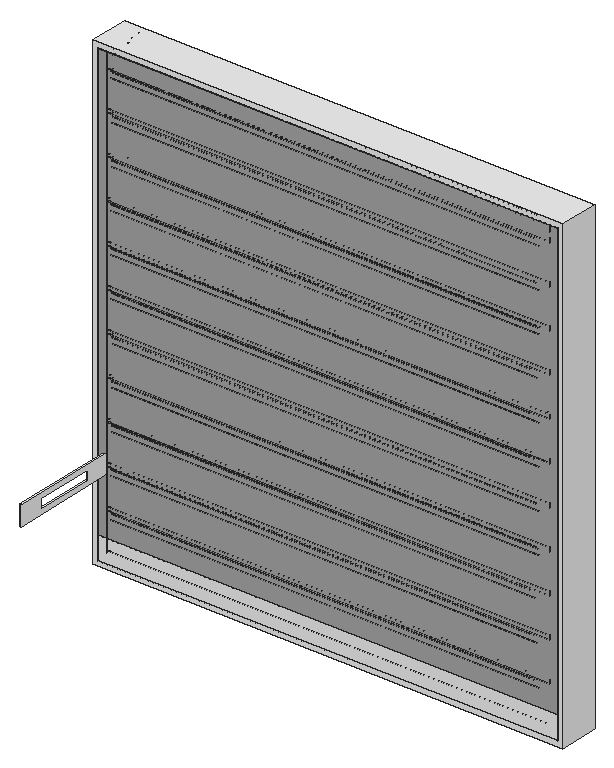
Revit family
Parameters (values of type "Louver_Combo_EXD-437_All-Lite")
  URL = "http://www.alllite-louvers.com"
  Spacing = 0.333 ft
  SmartBIM Object Version = 3  # constant formula
  SmartBIM Object Created By = "Reed Construction Data"  # constant formula
  Shim Thickness = 0.042 ft
  Screen Width = Width - (2 * Shim Thickness)  # 3.916 ft
  Screen Height = Height - (2 * Shim Thickness) - 0.198333 ft  # 3.717667 ft
  Screen = Aluminum
  Rough Width = 0.0 ft
  Rough Height = 0.0 ft
  Product URL = "http://www.alllite-louvers.com/catalog.php?model=EXD-437"
  Pressure Loss (in.wg.) = "0.16"  # constant formula
  OmniClass Title = "Exterior Louvers and Grilles"  # constant formula
  OmniClass Code = "23-60 11 17"  # constant formula
  Model Number = "EXD-437"  # constant formula
  Minimum Size = "12\" x 12\""
  Maximum Size - Single Section = "48\" x 96\" with low leakage seals, 60\" x 96\"  without low leakage seals. "
  Maximum Size - Multiple Section = "Unlimited"
  Manufacturer = "All-Lite"  # constant formula
  Louver Width = Width - (2 * Shim Thickness) - 0.166667 ft + (0.006562 ft * 3.175)  # 3.770167 ft
  Louver Open = no
  Louver = Mill finish, 6063-T5 Extruded Aluminum
  Height = 4.0 ft
  Free Area for 48”x48” Louver = "45.0%"
  Free Area Velocity (fpm) = "1161"  # constant formula
  Free Area (ft²) for 48"x48" Louver = 7.2 ft
  Frame = Mill finish, 6063-T5 Extruded Aluminum
  Default Sill Height = 3.0 ft
  Wall Closure = (empty or 0)
  Width = 4.0 ft
  Cut Sheet = "http://www.alllite-louvers.com/catalog/AEXD437.pdf"
  Assembly Code = "B2010300"
  Air Volume Delivered (cfm) = "8,359"  # constant formula
  95 CSI = "10200 "  # constant formula
  04 CSI = "08 91 00"  # constant formula
  # of Louvers = (Height - 0.25 ft) / (Spacing)  # 11
Reference planes (ft)
  plane 1 "Center (Front/Back)": y = 0
  plane 2: z = 0.291667
  plane 3 "Center (Left/Right)": x = 0
  plane 4 "Left": x = -2
  plane 5 "Right": x = 2
  plane 6 "Sill": z = 3.291667
  plane 7 "Top": z = 7.291667
  plane 8: x = -1.958
  plane 9: x = 1.958
  plane 10: z = 7.249667
  plane 11: z = 3.333667
  plane 12: z = 5.291667
  plane 13: z = 3.417
  plane 14: z = 3.458667
  plane 15: z = 7.166333
Forms (ft)
  Sweep 1, solid, material "Mill finish, 6063-T5 Extruded Aluminum" <- "Frame"
    path origin (-5, 0.333333, 0) x (-1, 0, 0) y (0, 0, 1)
      loop
        line (-6.885083, 7.249667) -> (-3.114917, 7.249667)
    profile "Head Mullion : Head Mullion" origin (0, 0.333333, 7.249667) x (0, 0, 1) y (0, 1, 0)
      loop
        line (-0.141375, -0.065542) -> (-0.136602, -0.070315) -> (-0.081526, -0.015239)
        arc (-0.081526, -0.015239) -> (-0.080431, -0.014507) -> (-0.079139, -0.01425) r 0.003375
        line (-0.079139, -0.01425) -> (-0.010125, -0.01425)
        arc (-0.010125, -0.01425) -> (-0.007739, -0.015239) -> (-0.00675, -0.017625) r 0.003375
        line (-0.00675, -0.017625) -> (-0.00675, -0.072375)
        arc (-0.00675, -0.072375) -> (-0.007739, -0.074761) -> (-0.010125, -0.07575) r 0.003375
        line (-0.010125, -0.07575) -> (-0.027583, -0.07575) -> (-0.027583, -0.0825) -> (-0.284913, -0.0825) -> (-0.284913, -0.01425) -> (-0.208329, -0.01425) -> (-0.208329, -0.0075) -> (-0.291663, -0.0075) -> (-0.291663, -0.08925) -> (-0.183795, -0.08925)
        arc (-0.183795, -0.08925) -> (-0.181409, -0.090239) -> (-0.18042, -0.092625) r 0.003375
        line (-0.18042, -0.092625) -> (-0.18042, -0.105004)
        arc (-0.18042, -0.105004) -> (-0.180979, -0.106865) -> (-0.182471, -0.108109) r 0.003375
        arc (-0.182471, -0.108109) -> (-0.190651, -0.118337) -> (-0.186635, -0.130803) r 0.013833
        arc (-0.186635, -0.130803) -> (-0.182973, -0.131476) -> (-0.18092, -0.128371) r 0.003375
        arc (-0.18092, -0.128371) -> (-0.18119, -0.127049) -> (-0.181956, -0.125938) r 0.003375
        arc (-0.181956, -0.125938) -> (-0.177045, -0.11375) -> (-0.172135, -0.125938) r 0.007083
        arc (-0.172135, -0.125938) -> (-0.172901, -0.127049) -> (-0.17317, -0.128371) r 0.003375
        arc (-0.17317, -0.128371) -> (-0.171117, -0.131476) -> (-0.167456, -0.130803) r 0.003375
        arc (-0.167456, -0.130803) -> (-0.163439, -0.118337) -> (-0.171619, -0.108109) r 0.013833
        arc (-0.171619, -0.108109) -> (-0.173111, -0.106865) -> (-0.17367, -0.105004) r 0.003375
        line (-0.17367, -0.105004) -> (-0.17367, -0.092625)
        arc (-0.17367, -0.092625) -> (-0.172682, -0.090239) -> (-0.170295, -0.08925) r 0.003375
        line (-0.170295, -0.08925) -> (-0.06925, -0.08925) -> (-0.06925, -0.096) -> (-0.046442, -0.096)
        arc (-0.046442, -0.096) -> (-0.044055, -0.096989) -> (-0.043067, -0.099375) r 0.003375
        line (-0.043067, -0.099375) -> (-0.043067, -0.105004)
        arc (-0.043067, -0.105004) -> (-0.043626, -0.106865) -> (-0.045118, -0.108109) r 0.003375
        arc (-0.045118, -0.108109) -> (-0.053298, -0.118337) -> (-0.049281, -0.130803) r 0.013833
        arc (-0.049281, -0.130803) -> (-0.04562, -0.131476) -> (-0.043567, -0.128371) r 0.003375
        arc (-0.043567, -0.128371) -> (-0.043836, -0.127049) -> (-0.044602, -0.125938) r 0.003375
        arc (-0.044602, -0.125938) -> (-0.039692, -0.11375) -> (-0.034781, -0.125938) r 0.007083
        arc (-0.034781, -0.125938) -> (-0.035547, -0.127049) -> (-0.035817, -0.128371) r 0.003375
        arc (-0.035817, -0.128371) -> (-0.033763, -0.131476) -> (-0.030102, -0.130803) r 0.003375
        arc (-0.030102, -0.130803) -> (-0.026085, -0.118337) -> (-0.034266, -0.108109) r 0.013833
        arc (-0.034266, -0.108109) -> (-0.035758, -0.106865) -> (-0.036317, -0.105004) r 0.003375
        line (-0.036317, -0.105004) -> (-0.036317, -0.099375)
        arc (-0.036317, -0.099375) -> (-0.035328, -0.096989) -> (-0.032942, -0.096) r 0.003375
        line (-0.032942, -0.096) -> (-0.010125, -0.096)
        arc (-0.010125, -0.096) -> (-0.007739, -0.096989) -> (-0.00675, -0.099375) r 0.003375
        line (-0.00675, -0.099375) -> (-0.00675, -0.2753)
        arc (-0.00675, -0.2753) -> (-0.007739, -0.277687) -> (-0.010125, -0.278675) r 0.003375
        line (-0.010125, -0.278675) -> (-0.023858, -0.278675)
        arc (-0.023858, -0.278675) -> (-0.025719, -0.278116) -> (-0.026963, -0.276624) r 0.003375
        arc (-0.026963, -0.276624) -> (-0.037191, -0.268444) -> (-0.049657, -0.27246) r 0.013833
        arc (-0.049657, -0.27246) -> (-0.05033, -0.276122) -> (-0.047225, -0.278175) r 0.003375
        arc (-0.047225, -0.278175) -> (-0.045903, -0.277906) -> (-0.044793, -0.27714) r 0.003375
        arc (-0.044793, -0.27714) -> (-0.032604, -0.28205) -> (-0.044793, -0.28696) r 0.007083
        arc (-0.044793, -0.28696) -> (-0.045903, -0.286195) -> (-0.047225, -0.285925) r 0.003375
        arc (-0.047225, -0.285925) -> (-0.05033, -0.287978) -> (-0.049657, -0.29164) r 0.003375
        arc (-0.049657, -0.29164) -> (-0.037191, -0.295656) -> (-0.026963, -0.287476) r 0.013833
        arc (-0.026963, -0.287476) -> (-0.025719, -0.285984) -> (-0.023858, -0.285425) r 0.003375
        line (-0.023858, -0.285425) -> (-0.010125, -0.285425)
        arc (-0.010125, -0.285425) -> (-0.007739, -0.286414) -> (-0.00675, -0.2888) r 0.003375
        line (-0.00675, -0.2888) -> (-0.00675, -0.323208)
        arc (-0.00675, -0.323208) -> (-0.007739, -0.325595) -> (-0.010125, -0.326583) r 0.003375
        line (-0.010125, -0.326583) -> (-0.0625, -0.326583) -> (-0.0625, -0.333333) -> (0, -0.333333) -> (0, -0.0075) -> (-0.080537, -0.0075)
        arc (-0.080537, -0.0075) -> (-0.083121, -0.008014) -> (-0.08531, -0.009477) r 0.00675
        line (-0.08531, -0.009477) -> (-0.141375, -0.065542)
  Sweep 2, solid, material "Mill finish, 6063-T5 Extruded Aluminum" <- "Frame"
    path origin (-5, 0.333333, 0) x (-1, 0, 0) y (0, 0, 1)
      loop
        line (-6.958, 3.333667) -> (-3.042, 3.333667)
    profile "Horizontal Mullion : Horizontal Mullion" origin (0, 0.333333, 3.333667) x (0, 0, 1) y (0, 1, 0)
      loop
        line (0, 0) -> (0, -0.041545) -> (0.00675, -0.041545) -> (0.00675, -0.006628) -> (0.076583, -0.006628) -> (0.076583, -0.333211) -> (0.00675, -0.333211) -> (0.00675, -0.298295) -> (0, -0.298295) -> (0, -0.339961) -> (0.197917, -0.339961) -> (0.197917, -0.333211) -> (0.083333, -0.333211) -> (0.083333, 0) -> (0, 0)
  Sweep 3, solid, material "Mill finish, 6063-T5 Extruded Aluminum" <- "Frame"
    path origin (-5, 0.333333, 0) x (-1, 0, 0) y (0, 0, 1)
      loop
        line (-6.958, 3.417) -> (-6.958, 7.249667)
    profile "Vertical Mullion : Vertical Mullion" origin (1.958, 0.333333, 5.333333) x (1, 0, 0) y (0, 1, 0)
      loop
        line (-0.0625, -0.322917) -> (-0.0625, -0.092167) -> (-0.04766, -0.092167)
        arc (-0.04766, -0.092167) -> (-0.044541, -0.090145) -> (-0.045113, -0.086472) r 0.003417
        arc (-0.045113, -0.086472) -> (-0.039833, -0.074667) -> (-0.034554, -0.086472) r 0.007083
        arc (-0.034554, -0.086472) -> (-0.035126, -0.090145) -> (-0.032007, -0.092167) r 0.003417
        line (-0.032007, -0.092167) -> (0, -0.092167) -> (0, 0) -> (-0.083333, 0) -> (-0.083333, -0.007501) -> (-0.072917, -0.007501) -> (-0.072917, -0.022375) -> (-0.066167, -0.022375) -> (-0.066167, -0.010417) -> (-0.010417, -0.010417) -> (-0.010417, -0.08175) -> (-0.022628, -0.08175)
        arc (-0.022628, -0.08175) -> (-0.02563, -0.080749) -> (-0.02743, -0.078145) r 0.005
        arc (-0.02743, -0.078145) -> (-0.039833, -0.068833) -> (-0.052237, -0.078145) r 0.012917
        arc (-0.052237, -0.078145) -> (-0.054036, -0.080749) -> (-0.057038, -0.08175) r 0.005
        line (-0.057038, -0.08175) -> (-0.072917, -0.08175) -> (-0.072917, -0.333333) -> (0, -0.333333) -> (0, -0.30575) -> (-0.010417, -0.30575) -> (-0.010417, -0.322917) -> (-0.0625, -0.322917)
  Sweep 4, solid, material "Mill finish, 6063-T5 Extruded Aluminum" <- "Frame"
    path origin (5, 0.333333, 0) x (1, 0, 0) y (0, 0, -1)
      loop
        line (-6.958, -3.417) -> (-6.958, -7.249667)
    profile "Vertical Mullion : Vertical Mullion" origin (-1.958, 0.333333, 5.333333) x (1, 0, 0) y (0, 1, 0)
      loop
        line (0.0625, -0.322917) -> (0.010417, -0.322917) -> (0.010417, -0.30575) -> (0, -0.30575) -> (0, -0.333333) -> (0.072917, -0.333333) -> (0.072917, -0.08175) -> (0.057038, -0.08175)
        arc (0.057038, -0.08175) -> (0.054036, -0.080749) -> (0.052237, -0.078145) r 0.005
        arc (0.052237, -0.078145) -> (0.039833, -0.068833) -> (0.02743, -0.078145) r 0.012917
        arc (0.02743, -0.078145) -> (0.02563, -0.080749) -> (0.022628, -0.08175) r 0.005
        line (0.022628, -0.08175) -> (0.010417, -0.08175) -> (0.010417, -0.010417) -> (0.066167, -0.010417) -> (0.066167, -0.022375) -> (0.072917, -0.022375) -> (0.072917, -0.007501) -> (0.083333, -0.007501) -> (0.083333, 0) -> (0, 0) -> (0, -0.092167) -> (0.032007, -0.092167)
        arc (0.032007, -0.092167) -> (0.035126, -0.090145) -> (0.034554, -0.086472) r 0.003417
        arc (0.034554, -0.086472) -> (0.039833, -0.074667) -> (0.045113, -0.086472) r 0.007083
        arc (0.045113, -0.086472) -> (0.044541, -0.090145) -> (0.04766, -0.092167) r 0.003417
        line (0.04766, -0.092167) -> (0.0625, -0.092167) -> (0.0625, -0.322917)
  Sweep 5, solid, material "Mill finish, 6063-T5 Extruded Aluminum" <- "Frame"
    path origin (-5, 0.333333, 0) x (-1, 0, 0) y (0, 0, 1)
      loop
        line (-3, 7.291667) -> (-7, 7.291667) -> (-7, 3.291667) -> (-3, 3.291667) -> (-3, 7.291667)
    profile origin (-2, 0.333333, 5.291667) x (0, 1, 0) y (-1, 0, 0)
      loop
        line (0, 0) -> (-0.339961, 0) -> (-0.339961, -0.042) -> (0, -0.042) -> (0, 0)
  Extrusion 6, solid, material "Aluminum" <- "Screen"
    sketch origin (0, 0, 0) x (1, 0, 0) y (0, 1, 0)
      loop
        line (-1.958, 0) -> (-1.958, -0.006628) -> (1.958, -0.006628) -> (1.958, 0) -> (-1.958, 0)
    from 3.531583 to 7.249667
  Extrusion 7, solid, material "Mill finish, 6063-T5 Extruded Aluminum" <- "Louver"
    sketch origin (-15, 0.705455, 3.458667) x (0, 1, 0) y (-1, 0, 0)
      loop
        line (-0.568691, -13.094083) -> (-0.568691, -13.083667) -> (-0.610358, -13.083667) -> (-0.610358, -13.094083) -> (-0.568691, -13.094083)
    from 0 to 3.707667
  Extrusion 8, solid, material "Mill finish, 6063-T5 Extruded Aluminum" <- "Louver"
    sketch origin (-1.905917, 0.061722, 4.04554) x (0, 0, 1) y (0, 1, 0)
      loop
        arc (0.129608, 0.033375) -> (0.046275, 0.116708) -> (-0.037058, 0.033375) r 0.083333
        line (-0.037058, 0.033375) -> (-0.037058, -0.961625)
        arc (-0.037058, -0.961625) -> (-0.035594, -0.965161) -> (-0.032058, -0.966625) r 0.005
        line (-0.032058, -0.966625) -> (0.124608, -0.966625)
        arc (0.124608, -0.966625) -> (0.128144, -0.965161) -> (0.129608, -0.961625) r 0.005
        line (0.129608, -0.961625) -> (0.129608, 0.033375)
      loop
        arc (0.087942, -0.259847) -> (0.086477, -0.256311) -> (0.082942, -0.254847) r 0.005
        line (0.082942, -0.254847) -> (0.009608, -0.254847)
        arc (0.009608, -0.254847) -> (0.006073, -0.256311) -> (0.004608, -0.259847) r 0.005
        line (0.004608, -0.259847) -> (0.004608, -0.749847)
        arc (0.004608, -0.749847) -> (0.006073, -0.753382) -> (0.009608, -0.754847) r 0.005
        line (0.009608, -0.754847) -> (0.082942, -0.754847)
        arc (0.082942, -0.754847) -> (0.086477, -0.753382) -> (0.087942, -0.749847) r 0.005
        line (0.087942, -0.749847) -> (0.087942, -0.259847)
    from -0.010417 to 0
Lines and regions (ft)
  Opening 1
    outline origin (-5, -0.333333, 0) x (1, 0, 0) y (0, 0, 1)
      loop
        line (3, 7.291667) -> (3, 3.291667) -> (7, 3.291667) -> (7, 7.291667) -> (3, 7.291667)
  Masking region 1, detail levels coarse+medium
    outline origin (0, 0, 0) x (1, 0, 0) y (0, 1, 0)
      loop
        line (-2, 0.333333) -> (-2, -0.006628) -> (-1.885083, -0.006628) -> (-1.885083, 0.333333) -> (-2, 0.333333)
      loop
        line (2, -0.006628) -> (2, 0.333333) -> (1.885083, 0.333333) -> (1.885083, -0.006628) -> (2, -0.006628)
  Masking region 2, detail levels fine
    outline origin (0, 0, 0) x (1, 0, 0) y (0, 1, 0)
      loop
        line (1.885083, 0.333333) -> (1.885083, 0.310958) -> (1.891833, 0.310958) -> (1.891833, 0.322917) -> (1.947583, 0.322917) -> (1.947583, 0.251583) -> (1.935372, 0.251583)
        arc (1.935372, 0.251583) -> (1.93237, 0.252585) -> (1.93057, 0.255188) r 0.005
        arc (1.93057, 0.255188) -> (1.918167, 0.2645) -> (1.905763, 0.255188) r 0.012917
        arc (1.905763, 0.255188) -> (1.903964, 0.252585) -> (1.900962, 0.251583) r 0.005
        line (1.900962, 0.251583) -> (1.885083, 0.251583) -> (1.885083, 0) -> (1.958, 0) -> (1.958, 0.027583) -> (1.947583, 0.027583) -> (1.947583, 0.010417) -> (1.8955, 0.010417) -> (1.8955, 0.241167) -> (1.91034, 0.241167)
        arc (1.91034, 0.241167) -> (1.913459, 0.243188) -> (1.912887, 0.246861) r 0.003417
        arc (1.912887, 0.246861) -> (1.918167, 0.258667) -> (1.923446, 0.246861) r 0.007083
        arc (1.923446, 0.246861) -> (1.922874, 0.243188) -> (1.925993, 0.241167) r 0.003417
        line (1.925993, 0.241167) -> (1.958, 0.241167) -> (1.958, 0.333333) -> (1.885083, 0.333333)
      loop
        arc (-1.93057, 0.255188) -> (-1.93237, 0.252585) -> (-1.935372, 0.251583) r 0.005
        line (-1.935372, 0.251583) -> (-1.947583, 0.251583) -> (-1.947583, 0.322917) -> (-1.891833, 0.322917) -> (-1.891833, 0.310958) -> (-1.885083, 0.310958) -> (-1.885083, 0.333333) -> (-1.958, 0.333333) -> (-1.958, 0.241167) -> (-1.925993, 0.241167)
        arc (-1.925993, 0.241167) -> (-1.922874, 0.243188) -> (-1.923446, 0.246861) r 0.003417
        arc (-1.923446, 0.246861) -> (-1.918167, 0.258667) -> (-1.912887, 0.246861) r 0.007083
        arc (-1.912887, 0.246861) -> (-1.913459, 0.243188) -> (-1.91034, 0.241167) r 0.003417
        line (-1.91034, 0.241167) -> (-1.8955, 0.241167) -> (-1.8955, 0.010417) -> (-1.947583, 0.010417) -> (-1.947583, 0.027583) -> (-1.958, 0.027583) -> (-1.958, 0) -> (-1.885083, 0) -> (-1.885083, 0.251583) -> (-1.900962, 0.251583)
        arc (-1.900962, 0.251583) -> (-1.903964, 0.252585) -> (-1.905763, 0.255188) r 0.005
        arc (-1.905763, 0.255188) -> (-1.918167, 0.2645) -> (-1.93057, 0.255188) r 0.012917
Text (ft)
  text "EXTERIOR" at (-4.890733, 4.242245, 0), in view "Ref. Level"
  text "INTERIOR" at (-4.890733, -3.147199, 0), in view "Ref. Level"
  text "Exterior" at (0, 3.638026, 10.266337), in view "Left"
  text "Exterior" at (0, 1.524487, 10.420622), in view "Right"
Dimensions and locks (ft)
  equal spacing: plane 4 "Left", plane 3 "Center (Left/Right)", plane 5 "Right"
  "Width": plane 4 "Left" to plane 5 "Right"
  "Height": plane 6 "Sill" to plane 7 "Top"
  "Default Sill Height": plane 2 to plane 6 "Sill"
  "Shim Thickness": plane 4 "Left" to plane 8
  "Shim Thickness": plane 9 to plane 5 "Right"
  "Shim Thickness": plane 10 to plane 7 "Top"
  "Shim Thickness": plane 6 "Sill" to plane 11
  equal spacing: plane 11, plane 12, plane 10
  locked: plane 13 to plane 11 at 0.083333
  locked: plane 14 to plane 13 at 0.041667
  equal spacing: group 1, group 3, group 4, group 5, group 6, group 7, group 8, group 9, group 10, group 11, group 2  (x3)
  locked: plane 10 to plane 15 at 0.083333
  Extrusion 8 sketch curve to Extrusion 8 sketch curve to Extrusion 8 sketch curve to Extrusion 8 sketch curve to plane 11 = 0.041667 ft locked, 0.083333 ft locked, 0.041667 ft locked, 0.674815 ft locked
  Sweep 5 to Extrusion 8 sketch curve to Extrusion 8 sketch curve to Extrusion 8 sketch curve to Extrusion 8 sketch curve = 0.154903 ft locked, 0.371555 ft locked, 0.5 ft locked, 0.211778 ft locked
  locked: Extrusion 6 sketch curve to Extrusion 6 sketch curve at 0.006628
  aligned and locked: plane 7 "Top" to Opening 1 sketch curve
  aligned and locked: plane 6 "Sill" to Opening 1 sketch curve  (x2)
  aligned and locked: plane 5 "Right" to Opening 1 sketch curve
  aligned and locked: plane 4 "Left" to Opening 1 sketch curve
  aligned and locked: plane 10 to Sweep 1 sketch curve
  aligned and locked: Sweep 2 sketch curve to plane 11
  aligned and locked: Sweep 4 sketch curve to plane 8
  aligned and locked: Sweep 5 sketch curve to plane 4 "Left"
  aligned and locked: Sweep 5 sketch curve to plane 7 "Top"
  aligned and locked: Sweep 5 sketch curve to plane 6 "Sill"
  aligned and locked: Sweep 5 sketch curve to plane 5 "Right"
  aligned and locked: Sweep 5 sketch curve to host wall  (x2)
  aligned and locked: plane 8 to Sweep 5 sketch curve
  aligned and locked: plane 3 "Center (Left/Right)" to nested 1
  aligned and locked: Extrusion 6 sketch curve to plane 8
  aligned and locked: plane 9 to Extrusion 6 sketch curve
  aligned and locked: Extrusion 6 to Sweep 2
  aligned and locked: plane 14 to nested 1
  aligned and locked: plane 9 to Sweep 3 sketch curve
  aligned and locked: plane 10 to Sweep 3 sketch curve
  aligned and locked: plane 10 to Sweep 4 sketch curve
  aligned and locked: nested 2 to plane 15
  aligned and locked: nested 2 to Sweep 1
  aligned and locked: nested 1 to Sweep 1
  aligned and locked: nested 3 to Extrusion 7 sketch curve  (x4)
  aligned and locked: Sweep 2 to Sweep 5 sketch curve
  aligned and locked: plane 13 to Sweep 4 sketch curve
  aligned and locked: plane 8 to Sweep 2 sketch curve
  aligned and locked: plane 9 to Sweep 2 sketch curve
  aligned and locked: plane 13 to Sweep 3 sketch curve
  aligned and locked: Extrusion 7 to plane 14
  aligned and locked: plane 15 to Extrusion 7
  aligned and locked: plane 10 to Extrusion 6
  aligned and locked: Sweep 1 sketch curve to Sweep 4
  aligned and locked: Sweep 3 to Sweep 1 sketch curve
  aligned and locked: Extrusion 8 to nested 2
  aligned and locked: nested 2 to Extrusion 8
  aligned and locked: Extrusion 6 sketch curve to Sweep 4
  aligned and locked: Masking region 1 sketch curve to host wall  (x2)
  aligned and locked: Sweep 5 to Masking region 1 sketch curve  (x2)
  aligned and locked: Masking region 1 sketch curve to nested 6
  aligned and locked: Masking region 1 sketch curve to plane 5 "Right"
  aligned and locked: Masking region 1 sketch curve to Sweep 3
  aligned and locked: Masking region 1 sketch curve to Sweep 5
  aligned and locked: Masking region 2 sketch curve to Sweep 3  (x22)
  aligned and locked: Masking region 2 sketch curve to Sweep 4  (x21)
  aligned and locked: Sweep 4 to Masking region 2 sketch curve
Automatic sketch dimensions
  Extrusion 8 sketch curve to Extrusion 8 sketch curve = 0.005 ft  (x5)
  Extrusion 8 sketch curve to Extrusion 8 sketch curve = 0.073333 ft
Nested families (ft)
  nested 1: "Louver" at (0, 0.104939, 3.458667), type "Louver"
    with Louver Length 3.770167 ft
  nested 2: "Louver" at (0, 0.104939, 6.829796), type "Louver"
    with Louver Length 3.770167 ft
  nested 3: "Louver" at (0, 0.104939, 3.79578), type "Louver"
    with Louver Length 3.770167 ft
  nested 4: "Louver" at (0, 0.104939, 4.132893), type "Louver"
    with Louver Length 3.770167 ft
  nested 5: "Louver" at (0, 0.104939, 4.470006), type "Louver"
    with Louver Length 3.770167 ft
  nested 6: "Louver" at (0, 0.104939, 4.807118), type "Louver"
    with Louver Length 3.770167 ft
  nested 7: "Louver" at (0, 0.104939, 5.144231), type "Louver"
    with Louver Length 3.770167 ft
  nested 8: "Louver" at (0, 0.104939, 5.481344), type "Louver"
    with Louver Length 3.770167 ft
  nested 9: "Louver" at (0, 0.104939, 5.818457), type "Louver"
    with Louver Length 3.770167 ft
  nested 10: "Louver" at (0, 0.104939, 6.15557), type "Louver"
    with Louver Length 3.770167 ft
  nested 11: "Louver" at (0, 0.104939, 6.492683), type "Louver"
    with Louver Length 3.770167 ft
Connectors (ft)
  hvac at (0, -0.006628, 5.390625), driven by "Screen Height", driven by "Screen Width"
    settings: on Extrusion 6, index 1
Definition of nested family "Louver"
  Parameters (values of type "Louver")
    Open = no
    Louver Length = 3.75 ft
    Louver = none
    Closed = not(Open)  # yes
    Assembly Code = ""
  Reference planes (ft)
    plane 1 "Center (Front/Back)": y = -0.085938
    plane 2: z = 0
    plane 3 "Center (Left/Right)": x = 0
    plane 4: x = -1.875
    plane 5: x = 1.875
    plane 6: y = 0.220894
    plane 7: x = -1.885417
    plane 8: x = -1.895833
    plane 9: x = -1.90625
    plane 10: z = 0.336537
    plane 11: y = 0.031824
    plane 12: y = -0.009842
    plane 13: x = -1.916667
  Forms (ft)
    Extrusion 1, solid, material <- "Louver"
      sketch origin (0, -0.026502, 0) x (0, 1, 0) y (0, 0, 1)
        loop
          line (0.240646, 0.064703) -> (0.240646, 0.011614) -> (0.184896, 0.058394) -> (0.184896, 0.09053) -> (-0.015265, 0.257066) -> (-0.069824, 0.281811)
          arc (-0.069824, 0.281811) -> (-0.071184, 0.283055) -> (-0.071688, 0.284828) r 0.003375
          line (-0.071688, 0.284828) -> (-0.071688, 0.333162)
          arc (-0.071688, 0.333162) -> (-0.075063, 0.336537) -> (-0.078438, 0.333162) r 0.003375
          line (-0.078438, 0.333162) -> (-0.078438, 0.282653)
          arc (-0.078438, 0.282653) -> (-0.077349, 0.278977) -> (-0.074433, 0.276486) r 0.00675
          line (-0.074433, 0.276486) -> (-0.037234, 0.259924)
          arc (-0.037234, 0.259924) -> (-0.035334, 0.257667) -> (-0.035936, 0.254778) r 0.003375
          arc (-0.035936, 0.254778) -> (-0.03845, 0.249489) -> (-0.038543, 0.243633) r 0.013792
          arc (-0.038543, 0.243633) -> (-0.03457, 0.240988) -> (-0.031925, 0.244961) r 0.003375
          arc (-0.031925, 0.244961) -> (-0.020396, 0.251657) -> (-0.025446, 0.239318) r 0.007042
          arc (-0.025446, 0.239318) -> (-0.029019, 0.236153) -> (-0.025854, 0.232581) r 0.003375
          arc (-0.025854, 0.232581) -> (-0.017991, 0.234482) -> (-0.012546, 0.240465) r 0.013792
          arc (-0.012546, 0.240465) -> (-0.010195, 0.242343) -> (-0.007271, 0.241634) r 0.003417
          line (-0.007271, 0.241634) -> (0.1235, 0.132831)
          arc (0.1235, 0.132831) -> (0.124729, 0.130068) -> (0.123284, 0.127412) r 0.003417
          arc (0.123284, 0.127412) -> (0.118418, 0.121246) -> (0.117707, 0.113425) r 0.013792
          arc (0.117707, 0.113425) -> (0.12168, 0.11078) -> (0.124325, 0.114753) r 0.003375
          arc (0.124325, 0.114753) -> (0.135854, 0.121449) -> (0.130804, 0.10911) r 0.007042
          arc (0.130804, 0.10911) -> (0.127231, 0.105945) -> (0.130396, 0.102372) r 0.003375
          arc (0.130396, 0.102372) -> (0.138316, 0.104307) -> (0.143759, 0.110376) r 0.013792
          arc (0.143759, 0.110376) -> (0.146108, 0.11228) -> (0.149048, 0.111575) r 0.003417
          line (0.149048, 0.111575) -> (0.176914, 0.08839)
          arc (0.176914, 0.08839) -> (0.177823, 0.087214) -> (0.178146, 0.085763) r 0.003417
          line (0.178146, 0.085763) -> (0.178146, 0.058394)
          arc (0.178146, 0.058394) -> (0.178778, 0.055541) -> (0.180557, 0.053223) r 0.00675
          line (0.180557, 0.053223) -> (0.243289, 0.000585)
          arc (0.243289, 0.000585) -> (0.245952, 0.000234) -> (0.247396, 0.0025) r 0.0025
          line (0.247396, 0.0025) -> (0.247396, 0.067972)
          arc (0.247396, 0.067972) -> (0.241413, 0.071722) -> (0.240646, 0.064703) r 0.004167
      from -1.875 to 1.875
    Extrusion 2, solid, material <- "Louver", visible <- "Closed"
      sketch origin (-1.875, 5, 4) x (0, 1, 0) y (0, 0, 1)
        loop
          line (-5.027285, -3.831084) -> (-5.098189, -3.982015) -> (-5.098189, -4.031398)
          arc (-5.098189, -4.031398) -> (-5.096106, -4.033481) -> (-5.094022, -4.031398) r 0.002083
          line (-5.094022, -4.031398) -> (-5.094022, -3.982945) -> (-5.017611, -3.820291)
          arc (-5.017611, -3.820291) -> (-5.015949, -3.80355) -> (-5.025188, -3.789491) r 0.025208
          line (-5.025188, -3.789491) -> (-5.057453, -3.765007)
          arc (-5.057453, -3.765007) -> (-5.060372, -3.765407) -> (-5.059972, -3.768326) r 0.002083
          line (-5.059972, -3.768326) -> (-5.038765, -3.784419)
          arc (-5.038765, -3.784419) -> (-5.058094, -3.791591) -> (-5.065606, -3.810789) r 0.025208
          line (-5.065606, -3.810789) -> (-5.052468, -3.820689)
          arc (-5.052468, -3.820689) -> (-5.04955, -3.820279) -> (-5.04996, -3.817362) r 0.002083
          line (-5.04996, -3.817362) -> (-5.061451, -3.808703)
          arc (-5.061451, -3.808703) -> (-5.027751, -3.792778) -> (-5.033828, -3.829552) r 0.021042
          line (-5.033828, -3.829552) -> (-5.045304, -3.820876)
          arc (-5.045304, -3.820876) -> (-5.048223, -3.821282) -> (-5.047817, -3.8242) r 0.002083
          line (-5.047817, -3.8242) -> (-5.034695, -3.83412)
          arc (-5.034695, -3.83412) -> (-5.030868, -3.832898) -> (-5.027285, -3.831084) r 0.025208
      from 0 to 3.75
    Extrusion 3, solid, material <- "Louver"
      sketch origin (-1.885417, -0.440807, 4) x (0, -1, 0) y (0, 0, 1)
        loop
          line (-0.404947, -3.925185) -> (-0.359633, -3.847329)
          arc (-0.359633, -3.847329) -> (-0.379216, -3.77321) -> (-0.453335, -3.792793) r 0.054208
          line (-0.453335, -3.792793) -> (-0.498649, -3.87065)
          arc (-0.498649, -3.87065) -> (-0.479066, -3.944768) -> (-0.404947, -3.925185) r 0.054208
        loop
          circle (-0.451798, -3.897917) r 0.009115
        loop
          circle (-0.40038, -3.809572) r 0.020833
      from 0 to 0.010417
    Extrusion 4, solid, material <- "Louver"
      sketch origin (-1.895833, -0.440807, 4) x (0, -1, 0) y (0, 0, 1)
        loop
          circle (-0.40038, -3.809572) r 0.020833
      from 0 to 0.010417
    Extrusion 5, solid, material <- "Louver", visible <- "Open"
      sketch origin (-1.875, -1.913518, 6.224424) x (0, 0.339343, 0.940663) y (0, -0.940663, 0.339343)
        loop
          line (-5.027285, -3.831084) -> (-5.091268, -3.967283) -> (-5.091268, -4.016666)
          arc (-5.091268, -4.016666) -> (-5.089185, -4.018749) -> (-5.087102, -4.016666) r 0.002083
          line (-5.087102, -4.016666) -> (-5.087102, -3.968213) -> (-5.017611, -3.820291)
          arc (-5.017611, -3.820291) -> (-5.015949, -3.80355) -> (-5.025188, -3.789491) r 0.025208
          line (-5.025188, -3.789491) -> (-5.057453, -3.765007)
          arc (-5.057453, -3.765007) -> (-5.060372, -3.765407) -> (-5.059972, -3.768326) r 0.002083
          line (-5.059972, -3.768326) -> (-5.038765, -3.784419)
          arc (-5.038765, -3.784419) -> (-5.058094, -3.791591) -> (-5.065606, -3.810789) r 0.025208
          line (-5.065606, -3.810789) -> (-5.052468, -3.820689)
          arc (-5.052468, -3.820689) -> (-5.04955, -3.820279) -> (-5.04996, -3.817362) r 0.002083
          line (-5.04996, -3.817362) -> (-5.061451, -3.808703)
          arc (-5.061451, -3.808703) -> (-5.027751, -3.792778) -> (-5.033828, -3.829552) r 0.021042
          line (-5.033828, -3.829552) -> (-5.045304, -3.820876)
          arc (-5.045304, -3.820876) -> (-5.048223, -3.821282) -> (-5.047817, -3.8242) r 0.002083
          line (-5.047817, -3.8242) -> (-5.034695, -3.83412)
          arc (-5.034695, -3.83412) -> (-5.030868, -3.832898) -> (-5.027285, -3.831084) r 0.025208
      from 0 to 3.75
    Extrusion 6, solid, material <- "Louver"
      sketch origin (-1.90625, -0.440807, 4) x (0, -1, 0) y (0, 0, 1)
        loop
          circle (-0.451798, -3.897917) r 0.014173
      from 0 to 0.010417
  Dimensions and locks (ft)
    equal spacing: plane 4, plane 3 "Center (Left/Right)", plane 5
    "Louver Length": plane 4 to plane 5
    locked: plane 7 to plane 4 at 0.010417
    plane 9 to plane 8 to plane 7 = 0.010417 ft locked, 0.010417 ft locked
    locked: plane 13 to plane 9 at 0.010417
    aligned and locked: plane 5 to Extrusion 1
    aligned and locked: Extrusion 1 to plane 4
    aligned and locked: Extrusion 2 to plane 4
    aligned and locked: plane 5 to Extrusion 2
    aligned and locked: plane 8 to Extrusion 3
    aligned and locked: Extrusion 3 to plane 7
    aligned and locked: Extrusion 4 to plane 8
    aligned and locked: plane 9 to Extrusion 4
    aligned and locked: Extrusion 5 to plane 4
    aligned and locked: plane 5 to Extrusion 5
    aligned and locked: Extrusion 6 to plane 9
    aligned and locked: plane 13 to Extrusion 6
  Automatic sketch dimensions
    Extrusion 1 sketch curve to Extrusion 1 sketch curve = 0.0 ft  (x25)
    Extrusion 1 sketch curve to plane 6 = 0.0 ft
    Extrusion 1 sketch curve to Extrusion 1 sketch curve = 0.0025 ft
    level to Extrusion 1 sketch curve = 0.000585 ft
    Extrusion 1 sketch curve to Extrusion 1 sketch curve = 0.001607 ft
    Extrusion 1 sketch curve to Extrusion 1 sketch curve = 0.004167 ft
    Extrusion 1 sketch curve to Extrusion 1 sketch curve = 0.002583 ft
    Extrusion 1 sketch curve to Extrusion 1 sketch curve = 0.05575 ft
    Extrusion 1 sketch curve to Extrusion 1 sketch curve = 0.004339 ft
    Extrusion 1 sketch curve to Extrusion 1 sketch curve = 0.002411 ft
    Extrusion 1 sketch curve to Extrusion 1 sketch curve = 0.001231 ft
    Extrusion 1 sketch curve to Extrusion 1 sketch curve = 0.003417 ft
    Extrusion 1 sketch curve to Extrusion 1 sketch curve = 0.027866 ft
    Extrusion 1 sketch curve to Extrusion 1 sketch curve = 0.002185 ft  (x2)
    Extrusion 1 sketch curve to Extrusion 1 sketch curve = 0.003104 ft
    Extrusion 1 sketch curve to Extrusion 1 sketch curve = 0.000425 ft  (x2)
    Extrusion 1 sketch curve to Extrusion 1 sketch curve = 0.000204 ft  (x2)
    Extrusion 1 sketch curve to Extrusion 1 sketch curve = 0.000825 ft
    Extrusion 1 sketch curve to Extrusion 1 sketch curve = 0.000217 ft
    Extrusion 1 sketch curve to Extrusion 1 sketch curve = 0.001968 ft
    Extrusion 1 sketch curve to plane 1 "Center (Front/Back)" = 0.052165 ft
    Extrusion 1 sketch curve to Extrusion 1 sketch curve = 0.00309 ft
    Extrusion 1 sketch curve to Extrusion 1 sketch curve = 0.002719 ft
    Extrusion 1 sketch curve to Extrusion 1 sketch curve = 0.000702 ft
    Extrusion 1 sketch curve to Extrusion 1 sketch curve = 0.001298 ft
    Extrusion 1 sketch curve to Extrusion 1 sketch curve = 0.001373 ft
    plane 1 "Center (Front/Back)" to Extrusion 1 sketch curve = 0.008877 ft
    Extrusion 1 sketch curve to Extrusion 1 sketch curve = 0.001512 ft
    Extrusion 1 sketch curve to Extrusion 1 sketch curve = 0.003375 ft  (x2)
    Extrusion 1 sketch curve to Extrusion 1 sketch curve = 0.001863 ft
    Extrusion 1 sketch curve to Extrusion 1 sketch curve = 0.002745 ft
    level to Extrusion 1 sketch curve = 0.053223 ft
    Extrusion 1 sketch curve to Extrusion 1 sketch curve = 0.006309 ft
    Extrusion 1 sketch curve to Extrusion 1 sketch curve = 0.027369 ft
    Extrusion 1 sketch curve to Extrusion 1 sketch curve = 0.016609 ft
    Extrusion 1 sketch curve to Extrusion 1 sketch curve = 0.000162 ft
    Extrusion 1 sketch curve to Extrusion 1 sketch curve = 0.001428 ft
    Extrusion 1 sketch curve to Extrusion 1 sketch curve = 0.000664 ft  (x2)
    Extrusion 1 sketch curve to Extrusion 1 sketch curve = 0.002793 ft
    Extrusion 1 sketch curve to Extrusion 1 sketch curve = 0.000311 ft
    Extrusion 1 sketch curve to Extrusion 1 sketch curve = 0.001457 ft
    Extrusion 1 sketch curve to Extrusion 1 sketch curve = 0.002063 ft
    Extrusion 1 sketch curve to Extrusion 1 sketch curve = 0.010719 ft
    Extrusion 1 sketch curve to Extrusion 1 sketch curve = 0.000842 ft
    Extrusion 1 sketch curve to Extrusion 1 sketch curve = 0.00214 ft
    Extrusion 1 sketch curve to Extrusion 1 sketch curve = 0.009114 ft
    Extrusion 2 sketch curve to Extrusion 2 sketch curve = 0.0 ft  (x12)
    plane 1 "Center (Front/Back)" to Extrusion 2 sketch curve = 0.012252 ft
    Extrusion 2 sketch curve to Extrusion 2 sketch curve = 0.002083 ft
    Extrusion 2 sketch curve to plane 1 "Center (Front/Back)" = 0.020332 ft
    Extrusion 2 sketch curve to Extrusion 2 sketch curve = 0.004155 ft
    Extrusion 2 sketch curve to plane 1 "Center (Front/Back)" = 0.025966 ft
    Extrusion 2 sketch curve to Extrusion 2 sketch curve = 0.001259 ft  (x2)
    Extrusion 2 sketch curve to Extrusion 2 sketch curve = 0.008983 ft
    Extrusion 2 sketch curve to Extrusion 2 sketch curve = 0.001254 ft  (x2)
    Extrusion 2 sketch curve to Extrusion 2 sketch curve = 0.004651 ft
    Extrusion 2 sketch curve to Extrusion 2 sketch curve = 0.001256 ft  (x2)
    Extrusion 2 sketch curve to Extrusion 2 sketch curve = 0.004877 ft
    Extrusion 2 sketch curve to Extrusion 2 sketch curve = 0.001662 ft  (x2)
    Extrusion 2 sketch curve to Extrusion 2 sketch curve = 0.013123 ft
    Extrusion 2 sketch curve to Extrusion 2 sketch curve = 0.000867 ft
    Extrusion 2 sketch curve to Extrusion 2 sketch curve = 0.006543 ft
    Extrusion 2 sketch curve to Extrusion 2 sketch curve = 0.013577 ft
    Extrusion 2 sketch curve to Extrusion 2 sketch curve = 0.009674 ft
    Extrusion 2 sketch curve to level = 0.031398 ft
    level to Extrusion 2 sketch curve = 0.017055 ft
    Extrusion 2 sketch curve to Extrusion 2 sketch curve = 0.00093 ft
    Extrusion 2 sketch curve to Extrusion 2 sketch curve = 0.003037 ft
    Extrusion 2 sketch curve to Extrusion 2 sketch curve = 0.004568 ft
    Extrusion 2 sketch curve to Extrusion 2 sketch curve = 0.005353 ft
    Extrusion 2 sketch curve to Extrusion 2 sketch curve = 0.00351 ft
    Extrusion 2 sketch curve to Extrusion 2 sketch curve = 0.010793 ft
    Extrusion 2 sketch curve to Extrusion 2 sketch curve = 0.001664 ft
    Extrusion 2 sketch curve to Extrusion 2 sketch curve = 0.002086 ft
    Extrusion 2 sketch curve to Extrusion 2 sketch curve = 0.016093 ft
    Extrusion 2 sketch curve to Extrusion 2 sketch curve = 0.00166 ft
    Extrusion 5 sketch curve to Extrusion 5 sketch curve = 0.0 ft  (x12)
    level to Extrusion 5 sketch curve = 0.088988 ft
    Extrusion 5 sketch curve to plane 6 = 0.130224 ft
    Extrusion 5 sketch curve to Extrusion 5 sketch curve = 0.002083 ft
    Extrusion 5 sketch curve to Extrusion 5 sketch curve = 0.025662 ft
    Extrusion 5 sketch curve to Extrusion 5 sketch curve = 0.004155 ft
    Extrusion 5 sketch curve to Extrusion 5 sketch curve = 0.001479 ft
    Extrusion 5 sketch curve to Extrusion 5 sketch curve = 0.001259 ft  (x2)
    Extrusion 5 sketch curve to Extrusion 5 sketch curve = 0.008983 ft
    Extrusion 5 sketch curve to Extrusion 5 sketch curve = 0.001254 ft  (x2)
    Extrusion 5 sketch curve to Extrusion 5 sketch curve = 0.004651 ft
    Extrusion 5 sketch curve to Extrusion 5 sketch curve = 0.001256 ft  (x2)
    Extrusion 5 sketch curve to Extrusion 5 sketch curve = 0.004877 ft
    Extrusion 5 sketch curve to Extrusion 5 sketch curve = 0.001662 ft  (x2)
    Extrusion 5 sketch curve to Extrusion 5 sketch curve = 0.013123 ft
    Extrusion 5 sketch curve to Extrusion 5 sketch curve = 0.000867 ft
    Extrusion 5 sketch curve to Extrusion 5 sketch curve = 0.006543 ft
    Extrusion 5 sketch curve to Extrusion 5 sketch curve = 0.013577 ft
    Extrusion 5 sketch curve to Extrusion 5 sketch curve = 0.009674 ft
    Extrusion 5 sketch curve to Extrusion 5 sketch curve = 0.00093 ft
    Extrusion 5 sketch curve to Extrusion 5 sketch curve = 0.048453 ft
    Extrusion 5 sketch curve to Extrusion 5 sketch curve = 0.134093 ft
    Extrusion 5 sketch curve to Extrusion 5 sketch curve = 0.003037 ft
    Extrusion 5 sketch curve to Extrusion 5 sketch curve = 0.004568 ft
    Extrusion 5 sketch curve to Extrusion 5 sketch curve = 0.005353 ft
    Extrusion 5 sketch curve to Extrusion 5 sketch curve = 0.00351 ft
    Extrusion 5 sketch curve to Extrusion 5 sketch curve = 0.010793 ft
    Extrusion 5 sketch curve to Extrusion 5 sketch curve = 0.001664 ft
    Extrusion 5 sketch curve to Extrusion 5 sketch curve = 0.002086 ft
    Extrusion 5 sketch curve to Extrusion 5 sketch curve = 0.016093 ft
    Extrusion 5 sketch curve to Extrusion 5 sketch curve = 0.00166 ft
    Extrusion 1 sketch curve to Extrusion 1 sketch curve = 0.102376 ft
    Extrusion 1 sketch curve to Extrusion 1 sketch curve = 0.016562 ft
    Extrusion 1 sketch curve to Extrusion 1 sketch curve = 0.048334 ft
    Extrusion 2 sketch curve to Extrusion 2 sketch curve = 0.148825 ft
    Extrusion 6 sketch curve to plane 11 = 0.020833 ft
    level to Extrusion 6 sketch curve = 0.102083 ft
    Extrusion 3 sketch curve to Extrusion 3 sketch curve = 0.0 ft  (x2)
    plane 11 to Extrusion 3 sketch curve = 0.026018 ft
    Extrusion 3 sketch curve to plane 11 = 0.019296 ft
    Extrusion 3 sketch curve to plane 11 = 0.020833 ft
    plane 12 to Extrusion 3 sketch curve = 0.02448 ft
    plane 12 to Extrusion 3 sketch curve = 0.026018 ft
    Extrusion 3 sketch curve to Extrusion 3 sketch curve = 0.006104 ft
    Extrusion 3 sketch curve to plane 1 "Center (Front/Back)" = 0.004764 ft
    level to Extrusion 3 sketch curve = 0.074815 ft
    Extrusion 3 sketch curve to Extrusion 3 sketch curve = 0.027268 ft  (x2)
    Extrusion 3 sketch curve to Extrusion 3 sketch curve = 0.077857 ft
    Extrusion 3 sketch curve to Extrusion 3 sketch curve = 0.010488 ft
    radius of Extrusion 6 sketch curve = 0.014173 ft
    radius of Extrusion 4 sketch curve to Extrusion 3 = 0.0 ft
    radius of Extrusion 3 sketch curve = 0.009115 ft
    radius of Extrusion 3 sketch curve = 0.020833 ft
